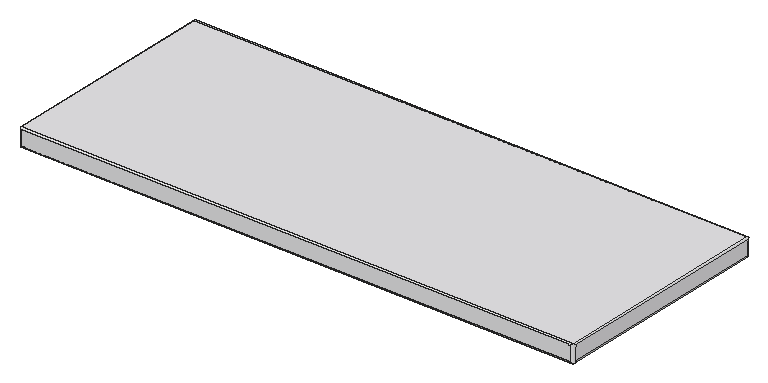
Revit family "Accessory-Tray-KOHLER-Draft-K-27355", category Specialty Equipment, host Face, Revit 2015
Parameters (values of type "0-White")
  Width = 4 11/16"  # constant formula
  URL = "https://www.us.kohler.com/us/"
  Type = 1
  Product Page URL = "http://www.us.kohler.com/us/catalog/productDetails.jsp?productNumber=27355"
  Product Name = "Draft"  # constant formula
  Product Documentation Link = "http://www.us.kohler.com/onlinecatalog/pdf/K-27355_spec.pdf"
  Model = if(Type = 1, "K-27355-0", if(Type = 2, "K-27355-7", "NA"))  # "K-27355-0"
  Material = "Durable Composite Material"  # constant formula
  MasterFormat 2004 = "10.28.13"  # constant formula
  MasterFormat 1995 = "10820"  # constant formula
  Manufacturer Address = "444 Highland Dr, Kohler, WI 53044"  # constant formula
  Manufacturer = "KOHLER Co."  # constant formula
  Length = 11 13/16"  # constant formula
  Height = 3/8"  # constant formula
  Finish = Kohler-Plastic-0-White
  Environmental Product Declaration = ""
  Description = "12inch tray"  # constant formula
  Default Elevation = 42"
  Declare Label = ""
  Date Modified = "01/15/2019"  # constant formula
  Date Created = "01/15/2019"  # constant formula
  Copyright = "Copyright KOHLER Co."  # constant formula
  Contact Us = "https://www.us.kohler.com/us/static/contact.jsp"
  Assembly Code = "C1030200"
  ADA Compliant = 1 = 0  # no
Types (3): name | Type | Model | Finish
  (no name) | 1 | "K-27355-0" | Kohler-Plastic-0-White
  0-White | 1 | "K-27355-0" | Kohler-Plastic-0-White
  7-Black Black | 2 | "K-27355-7" | Kohler-Plastic-7-Black_Black
Reference planes (in)
  plane 1 "Center (Front/Back)": y = 0
  plane 2: z = 0
  plane 3 "Center (Left/Right)": x = 0
  plane 4: x = -5.90625
  plane 5: y = 2.34375
  plane 6: y = -2.34375
  plane 7: x = 5.90625
  plane 8: z = 0.375
Dimensions and locks (in)
  "Length": plane 4 to plane 7
  "Width": plane 6 to plane 5
  "Height": plane 8 to plane 2
  aligned and locked: host face to plane 2
  aligned and locked: host face to level
Automatic sketch dimensions
  host sketch curve to host sketch curve = 96"  (x2)
Nested families (in)
  nested 1: "K-27355" at (0, 0, 0), type "K-27355"
Definition of nested family "K-27355"
  Parameters (values of type "K-27355")
    Material = none
  Reference planes (in)
    plane 1 "Center (Front/Back)": y = 0
    plane 2: z = 0
    plane 3 "Center (Left/Right)": x = 0
    plane 4: z = 0.375
    plane 5: x = -5.90625
    plane 6: x = 5.90625
    plane 7: y = 2.34375
    plane 8: y = -2.34375
  Forms (in)
    Sweep 1, solid, material <- "Material", detail levels medium+fine
      path origin (0, 0, 0) x (1, 0, 0) y (0, 1, 0)
        loop
          line (-5.90625, 2.34375) -> (-5.90625, -2.34375) -> (5.90625, -2.34375) -> (5.90625, 2.34375) -> (-5.90625, 2.34375)
      profile origin (-5.90625, 0, 0) x (1, 0, 0) y (0, 0, 1)
        loop
          arc (0.03125, 0.375) -> (0.0091529, 0.3658471) -> (0, 0.34375) r 0.03125
          line (0, 0.34375) -> (0, 0.03125)
          arc (0, 0.03125) -> (0.0091529, 0.0091529) -> (0.03125, 0) r 0.03125
          line (0.03125, 0) -> (0.2686084, 0) -> (0.2686084, 0.375) -> (0.03125, 0.375)
    Extrusion 2, void
      sketch origin (0, 0, 0) x (1, 0, 0) y (0, 1, 0)
        loop
          line (-5.90625, -2.28125) -> (-5.90625, -2.34375) -> (-5.84375, -2.34375)
          arc (-5.84375, -2.34375) -> (-5.8879442, -2.3254442) -> (-5.90625, -2.28125) r 0.0625
        loop
          arc (-5.90625, 2.28125) -> (-5.8879442, 2.3254442) -> (-5.84375, 2.34375) r 0.0625
          line (-5.84375, 2.34375) -> (-5.90625, 2.34375) -> (-5.90625, 2.28125)
        loop
          arc (5.90625, -2.28125) -> (5.8879442, -2.3254442) -> (5.84375, -2.34375) r 0.0625
          line (5.84375, -2.34375) -> (5.90625, -2.34375) -> (5.90625, -2.28125)
        loop
          line (5.90625, 2.28125) -> (5.90625, 2.34375) -> (5.84375, 2.34375)
          arc (5.84375, 2.34375) -> (5.8879442, 2.3254442) -> (5.90625, 2.28125) r 0.0625
      from 0 to 0.5301487
    Extrusion 3, solid, material <- "Material", detail levels medium+fine
      sketch origin (0, 0, 0) x (1, 0, 0) y (0, 1, 0)
        loop
          line (-5.6376416, -2.0751416) -> (5.6376416, -2.0751416) -> (5.6376416, 2.0751416) -> (-5.6376416, 2.0751416) -> (-5.6376416, -2.0751416)
      from 0 to 0.375
    Extrusion 4, solid, material <- "Material", detail levels coarse
      sketch origin (0, 0, 0) x (1, 0, 0) y (0, 1, 0)
        loop
          line (-5.90625, 2.59375) -> (-5.90625, -2.59375) -> (5.90625, -2.59375) -> (5.90625, 2.59375) -> (-5.90625, 2.59375)
      from 0 to 0.3792324
  Cuts and joins
    Extrusion 2 cuts Sweep 1
    joined: Sweep 1, Extrusion 3
  Lines and regions (in)
    Masking region 1
      outline origin (0, 0, 0) x (1, 0, 0) y (0, 0, 1)
        loop
          line (-5.90625, 0.3448733) -> (-5.90625, 0.0307024)
          arc (-5.90625, 0.0307024) -> (-5.8972575, 0.0089925) -> (-5.8755476, 0) r 0.0307024
          line (-5.8755476, 0) -> (5.8752625, 0)
          arc (5.8752625, 0) -> (5.897174, 0.009076) -> (5.90625, 0.0309875) r 0.0309875
          line (5.90625, 0.0309875) -> (5.90625, 0.344037)
          arc (5.90625, 0.344037) -> (5.8971811, 0.3659311) -> (5.875287, 0.375) r 0.030963
          line (5.875287, 0.375) -> (-5.8761233, 0.375)
          arc (-5.8761233, 0.375) -> (-5.8974261, 0.3661761) -> (-5.90625, 0.3448733) r 0.0301267
    Masking region 2
      outline origin (0, 0, 0) x (0, 1, 0) y (0, 0, 1)
        loop
          line (2.3132057, 0.375) -> (-2.3122849, 0.375)
          arc (-2.3122849, 0.375) -> (-2.3345341, 0.3657841) -> (-2.34375, 0.3435349) r 0.0314651
          line (-2.34375, 0.3435349) -> (-2.34375, 0.0316504)
          arc (-2.34375, 0.0316504) -> (-2.3344798, 0.0092702) -> (-2.3120996, 0) r 0.0316504
          line (-2.3120996, 0) -> (2.3121802, 0)
          arc (2.3121802, 0) -> (2.3345034, 0.0092466) -> (2.34375, 0.0315698) r 0.0315698
          line (2.34375, 0.0315698) -> (2.34375, 0.3444557)
          arc (2.34375, 0.3444557) -> (2.3348038, 0.3660538) -> (2.3132057, 0.375) r 0.0305443
    Masking region 3
      outline origin (0, 0, 0) x (1, 0, 0) y (0, 1, 0)
        loop
          arc (-5.8445986, 2.34375) -> (-5.8881927, 2.3256927) -> (-5.90625, 2.2820986) r 0.0616514
          line (-5.90625, 2.2820986) -> (-5.90625, -2.281464)
          arc (-5.90625, -2.281464) -> (-5.8880069, -2.3255069) -> (-5.843964, -2.34375) r 0.062286
          line (-5.843964, -2.34375) -> (5.8420046, -2.34375)
          arc (5.8420046, -2.34375) -> (5.887433, -2.324933) -> (5.90625, -2.2795046) r 0.0642454
          line (5.90625, -2.2795046) -> (5.90625, 2.28125)
          arc (5.90625, 2.28125) -> (5.8879442, 2.3254442) -> (5.84375, 2.34375) r 0.0625
          line (5.84375, 2.34375) -> (-5.8445986, 2.34375)
  Dimensions and locks (in)
    locked: plane 4 to plane 2 at 0.375
    locked: plane 5 to plane 6 at 11.8125
    locked: plane 7 to plane 8 at 4.6875
    aligned and locked: plane 2 to level
